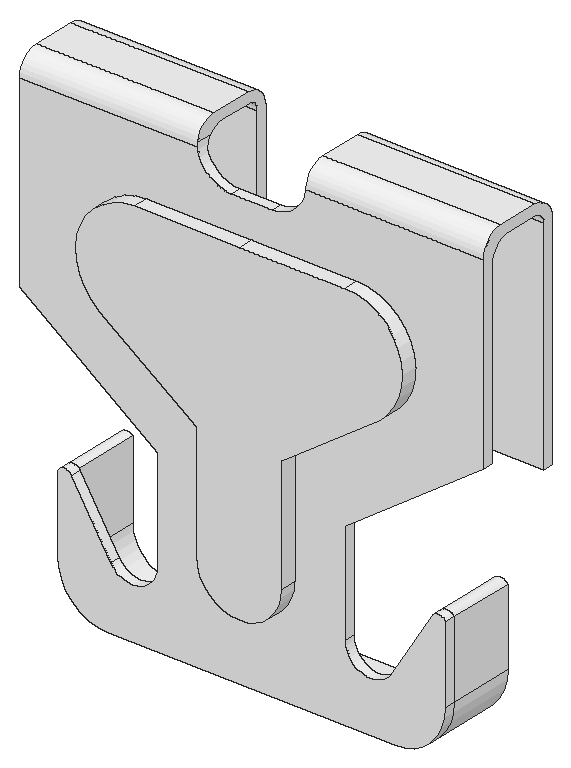
Revit family "特殊20mmSクリップ", category 機械設備, Revit 2020
Family settings
  丸型コネクタ寸法 = 直径を使用
  種別 = なし
  パーツ タイプ = 標準
  作業面ベース = いいえ
  常に垂直 = はい
  ロード時にボイドで切り取り = いいえ
  共有 = いいえ
  部屋計算ポイント = いいえ
Parameters
  製造元 = "株式会社桐井製作所"
  既定の高さ = 0 mm
  URL = "https://www.kirii.co.jp/"
  K_品名 = "特殊20mmSクリップ"
  K_名称 = "特殊クリップ"
  K_入数 = "2000"
  K_バージョン情報 = "20211012"
Reference planes
  plane 1 "中心(正面/背面)": y = 0
  plane 2: z = 0
  plane 3 "中心(左/右)": x = 0
Forms (mm)
  Extrusion 1, solid
    sketch origin (0, 30, 0) x (0, 1, 0) y (0, 0, 1)
      loop
        line (-30, 0) -> (-29.4, -0.6) -> (-29.4, 26.75)
        arc (-29.4, 26.75) -> (-29.034, 27.634) -> (-28.15, 28) r 1.25
        line (-28.15, 28) -> (-26.25, 28)
        arc (-26.25, 28) -> (-25.79, 27.81) -> (-25.6, 27.35) r 0.65
        line (-25.6, 27.35) -> (-25.6, 13.75) -> (-25, 14.35) -> (-25, 27.35)
        arc (-25, 27.35) -> (-25.366, 28.234) -> (-26.25, 28.6) r 1.25
        line (-26.25, 28.6) -> (-28.75, 28.6)
        arc (-28.75, 28.6) -> (-29.634, 28.234) -> (-30, 27.35) r 1.25
        line (-30, 27.35) -> (-30, 0)
    from -13.6 to 13.6
  Extrusion 2, void
    sketch origin (0, -0.6, -0.8) x (0, 1, 0) y (0, 0, 1)
      loop
        line (0.387, 0.8) -> (0.387, -0.064) -> (1.428, -0.064) -> (1.428, 0.8) -> (0.387, 0.8)
    from -13.6 to 13.6
  Extrusion 3, void
    sketch origin (0.081, 0, 4.031) x (1, 0, 0) y (0, 0, 1)
      loop
        arc (1.119, 21.569) -> (2.533, 22.155) -> (3.119, 23.569) r 2
        line (3.119, 23.569) -> (3.119, 24.569) -> (-3.281, 24.569) -> (-3.281, 23.569)
        arc (-3.281, 23.569) -> (-2.695, 22.155) -> (-1.281, 21.569) r 2
        line (-1.281, 21.569) -> (1.119, 21.569)
    from -3.583 to 0.213
  Extrusion 4, void
    sketch origin (0, 0, 4.642) x (1, 0, 0) y (0, 0, 1)
      loop
        line (-3.2, 23.958) -> (-3.2, 9.108) -> (3.2, 9.108) -> (3.2, 23.958) -> (-3.2, 23.958)
    from -3.583 to -5.28
  Extrusion 5, void
    sketch origin (0, -11.6, -5.745) x (0, 1, 0) y (0, 0, 1)
      loop
        line (15.183, 20.105) -> (15.183, 19.281) -> (16.88, 19.281) -> (16.88, 20.105) -> (15.183, 20.105)
    from -13.6 to 13.6
  Extrusion 6, void
    sketch origin (0, 0, 0) x (1, 0, 0) y (0, 0, 1)
      loop
        line (-13.6, 16.35) -> (-13.6, 0) -> (-8.4, 0)
        arc (-8.4, 0) -> (-10.521, 0.879) -> (-11.4, 3) r 3
        line (-11.4, 3) -> (-11.4, 7.4)
        arc (-11.4, 7.4) -> (-11.007, 7.738) -> (-10.541, 7.512) r 0.472
        line (-10.541, 7.512) -> (-8.289, 3.732)
        arc (-8.289, 3.732) -> (-6.602, 3.054) -> (-5.5, 4.5) r 1.5
        line (-5.5, 4.5) -> (-5.5, 10.5) -> (-13.6, 16.35)
      loop
        line (13.6, 0) -> (13.6, 16.35) -> (5.5, 10.5) -> (5.5, 4.5)
        arc (5.5, 4.5) -> (6.602, 3.054) -> (8.289, 3.732) r 1.5
        line (8.289, 3.732) -> (10.541, 7.512)
        arc (10.541, 7.512) -> (10.97, 7.756) -> (11.4, 7.512) r 0.5
        line (11.4, 7.512) -> (11.4, 3)
        arc (11.4, 3) -> (10.521, 0.879) -> (8.4, 0) r 3
        line (8.4, 0) -> (13.6, 0)
    from -0.6 to 0.271
  Extrusion 7, solid
    sketch origin (0, 0, 0) x (1, 0, 0) y (0, 0, 1)
      loop
        arc (-10.6, 7.591) -> (-11.056, 7.729) -> (-11.4, 7.4) r 0.472
        line (-11.4, 7.4) -> (-11.4, 3)
        arc (-11.4, 3) -> (-10.521, 0.879) -> (-8.4, 0) r 3
        line (-8.4, 0) -> (8.4, 0)
        arc (8.4, 0) -> (10.521, 0.879) -> (11.4, 3) r 3
        line (11.4, 3) -> (11.4, 7.512)
        arc (11.4, 7.512) -> (11.02, 7.753) -> (10.6, 7.592) r 0.5
        line (10.6, 7.592) -> (10.6, 3)
        arc (10.6, 3) -> (9.956, 1.444) -> (8.4, 0.8) r 2.2
        line (8.4, 0.8) -> (-8.4, 0.8)
        arc (-8.4, 0.8) -> (-9.956, 1.444) -> (-10.6, 3) r 2.2
        line (-10.6, 3) -> (-10.6, 7.591)
    from -4.509 to -0.6
  Extrusion 8, solid
    sketch origin (0, 0, 0) x (1, 0, 0) y (0, 0, 1)
      loop
        line (-2.5, 13.267) -> (-2.5, 6.5)
        arc (-2.5, 6.5) -> (-1.768, 4.732) -> (0, 4) r 2.5
        arc (0, 4) -> (1.768, 4.732) -> (2.5, 6.5) r 2.5
        line (2.5, 6.5) -> (2.5, 13.267) -> (8.172, 17.364)
        arc (8.172, 17.364) -> (9.433, 21.216) -> (6.156, 23.6) r 3.444
        line (6.156, 23.6) -> (0, 23.6) -> (-6.156, 23.6)
        arc (-6.156, 23.6) -> (-9.433, 21.216) -> (-8.172, 17.364) r 3.444
        line (-8.172, 17.364) -> (-2.5, 13.267)
    from 0 to 0.9
Cuts and joins
  Extrusion 2, Extrusion 3, Extrusion 4, Extrusion 5, Extrusion 6 cuts Extrusion 1
  joined: Extrusion 1, Extrusion 8
Dimensions and locks
  aligned and locked: level to plane 2
